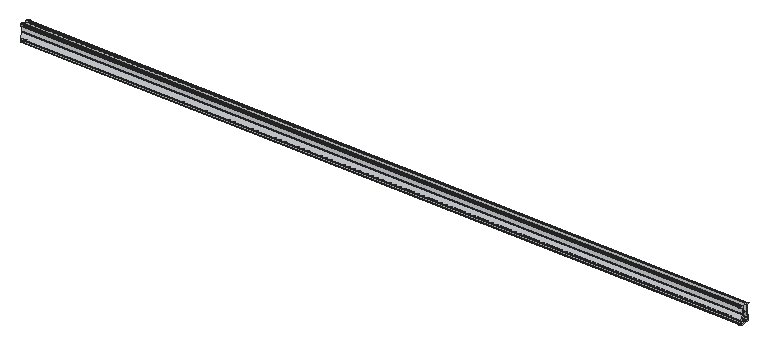
Revit family "33TSC2.75 20g Bottom Chord", category Structural Framing, Revit 2020
Family settings
  Section Shape = Not Defined
  Material for Model Behavior = Steel
  Always export as geometry = No
  OmniClass Number = 23.25.30.11.14.14
  OmniClass Title = Beams
  Always vertical = Yes
  Cut with Voids When Loaded = No
  Symbolic Representation = From Family
  Shared = No
  Show family pre-cut in plan views = Yes
Parameters
  Weight lbs per ft [instance] = 0.9819
  URL = "https://www.trussteel.com/details_files/pdf/ts007.pdf"
  Total Member Weight (lbs) [instance] = Length / 1' 0" * Weight lbs per ft  # 9.819
  Structural Material = ASTM A653 SS Grade 55 G90
  Steel Design Thickness (in) [instance] = 0.0346
  Model = "33TSC2.75"
  Manufacturer = "TrusSteel"
  Length [instance] = 10' - 0"
  Fy (ksi) [instance] = 55
  Fu (ksi) [instance] = 65
  Description = "Chord"
  Cross Section Area (in2) [instance] = 0.2888
  Beam Height = 0' - 2 3/4"
  Beam Width = 0' - 1 1/2"
Reference planes (in)
  plane 1 "Center (Front/Back)": y = 0
  plane 2 "Center El.": z = 0
  plane 3 "Center (Left/Right)": x = 0
  plane 4 "Left": x = -60
  plane 5 "Right": x = 60
Forms (in)
  Extrusion 1, solid
    sketch origin (0, 0, 0) x (0, 1, 0) y (0, 0, 1)
      loop
        arc (0.4096, 2.6554) -> (0.42717, 2.69783) -> (0.4696, 2.7154) r 0.06
        line (0.4696, 2.7154) -> (0.6554, 2.7154)
        arc (0.6554, 2.7154) -> (0.69783, 2.69783) -> (0.7154, 2.6554) r 0.06
        line (0.7154, 2.6554) -> (0.7154, 2.5946)
        arc (0.7154, 2.5946) -> (0.69783, 2.55217) -> (0.6554, 2.5346) r 0.06
        line (0.6554, 2.5346) -> (0.5, 2.5346) -> (0.5, 2.5) -> (0.6554, 2.5)
        arc (0.6554, 2.5) -> (0.72229, 2.52771) -> (0.75, 2.5946) r 0.0946
        line (0.75, 2.5946) -> (0.75, 2.6554)
        arc (0.75, 2.6554) -> (0.72229, 2.72229) -> (0.6554, 2.75) r 0.0946
        line (0.6554, 2.75) -> (0.4696, 2.75)
        arc (0.4696, 2.75) -> (0.40271, 2.72229) -> (0.375, 2.6554) r 0.0946
        line (0.375, 2.6554) -> (0.375, 1.55794)
        arc (0.375, 1.55794) -> (0.38016, 1.49513) -> (0.39552, 1.434) r 0.3846
        line (0.39552, 1.434) -> (0.69673, 0.54912)
        arc (0.69673, 0.54912) -> (0.7107, 0.49349) -> (0.7154, 0.43633) r 0.35
        line (0.7154, 0.43633) -> (0.7154, 0.1286)
        arc (0.7154, 0.1286) -> (0.68787, 0.06213) -> (0.6214, 0.0346) r 0.094
        line (0.6214, 0.0346) -> (0.23958, 0.0346)
        arc (0.23958, 0.0346) -> (0.2072, 0.04254) -> (0.18217, 0.06456) r 0.07
        arc (0.18217, 0.06456) -> (0, 0.1596) -> (-0.18217, 0.06456) r 0.2221
        arc (-0.18217, 0.06456) -> (-0.2072, 0.04254) -> (-0.23958, 0.0346) r 0.07
        line (-0.23958, 0.0346) -> (-0.6214, 0.0346)
        arc (-0.6214, 0.0346) -> (-0.68787, 0.06213) -> (-0.7154, 0.1286) r 0.094
        line (-0.7154, 0.1286) -> (-0.7154, 0.43633)
        arc (-0.7154, 0.43633) -> (-0.7107, 0.49349) -> (-0.69673, 0.54912) r 0.35
        line (-0.69673, 0.54912) -> (-0.39552, 1.434)
        arc (-0.39552, 1.434) -> (-0.38016, 1.49513) -> (-0.375, 1.55794) r 0.3846
        line (-0.375, 1.55794) -> (-0.375, 2.6554)
        arc (-0.375, 2.6554) -> (-0.40271, 2.72229) -> (-0.4696, 2.75) r 0.0946
        line (-0.4696, 2.75) -> (-0.6554, 2.75)
        arc (-0.6554, 2.75) -> (-0.72229, 2.72229) -> (-0.75, 2.6554) r 0.0946
        line (-0.75, 2.6554) -> (-0.75, 2.5946)
        arc (-0.75, 2.5946) -> (-0.72229, 2.52771) -> (-0.6554, 2.5) r 0.0946
        line (-0.6554, 2.5) -> (-0.5, 2.5) -> (-0.5, 2.5346) -> (-0.6554, 2.5346)
        arc (-0.6554, 2.5346) -> (-0.69783, 2.55217) -> (-0.7154, 2.5946) r 0.06
        line (-0.7154, 2.5946) -> (-0.7154, 2.6554)
        arc (-0.7154, 2.6554) -> (-0.69783, 2.69783) -> (-0.6554, 2.7154) r 0.06
        line (-0.6554, 2.7154) -> (-0.4696, 2.7154)
        arc (-0.4696, 2.7154) -> (-0.42717, 2.69783) -> (-0.4096, 2.6554) r 0.06
        line (-0.4096, 2.6554) -> (-0.4096, 1.55794)
        arc (-0.4096, 1.55794) -> (-0.4143, 1.50078) -> (-0.42827, 1.44515) r 0.35
        line (-0.42827, 1.44515) -> (-0.72948, 0.56027)
        arc (-0.72948, 0.56027) -> (-0.74484, 0.49915) -> (-0.75, 0.43633) r 0.3846
        line (-0.75, 0.43633) -> (-0.75, 0.1286)
        arc (-0.75, 0.1286) -> (-0.71233, 0.03767) -> (-0.6214, 0) r 0.1286
        line (-0.6214, 0) -> (-0.23958, 0)
        arc (-0.23958, 0) -> (-0.1912, 0.01186) -> (-0.15379, 0.04476) r 0.1046
        arc (-0.15379, 0.04476) -> (0, 0.125) -> (0.15379, 0.04476) r 0.1875
        arc (0.15379, 0.04476) -> (0.1912, 0.01186) -> (0.23958, 0) r 0.1046
        line (0.23958, 0) -> (0.6214, 0)
        arc (0.6214, 0) -> (0.71233, 0.03767) -> (0.75, 0.1286) r 0.1286
        line (0.75, 0.1286) -> (0.75, 0.43633)
        arc (0.75, 0.43633) -> (0.74484, 0.49915) -> (0.72948, 0.56027) r 0.3846
        line (0.72948, 0.56027) -> (0.42827, 1.44515)
        arc (0.42827, 1.44515) -> (0.4143, 1.50078) -> (0.4096, 1.55794) r 0.35
        line (0.4096, 1.55794) -> (0.4096, 2.6554)
    from -60 to 60
Dimensions and locks (in)
  equal spacing: plane 4 "Left", plane 3 "Center (Left/Right)", plane 5 "Right"
  "Length": plane 4 "Left" to plane 5 "Right"
  "Beam Width": Extrusion 1 to Extrusion 1
  "Beam Height": Extrusion 1 to Extrusion 1
  aligned and locked: level to plane 2 "Center El."
  aligned and locked: plane 4 "Left" to Extrusion 1
  aligned and locked: Extrusion 1 to plane 5 "Right"
Automatic sketch dimensions
  Extrusion 1 sketch curve to Extrusion 1 sketch curve = 0' - 0"  (x34)
  Extrusion 1 sketch curve to level = 0' - 0"  (x2)
  Extrusion 1 sketch curve to plane 1 "Center (Front/Back)" = 0' - 0"
  level to Extrusion 1 sketch curve = 0' - 0.0346"
  plane 1 "Center (Front/Back)" to Extrusion 1 sketch curve = 0' - 0.23958"
  Extrusion 1 sketch curve to Extrusion 1 sketch curve = 0' - 0.12582"  (x2)
  plane 1 "Center (Front/Back)" to Extrusion 1 sketch curve = 0' - 0 3/8"
  Extrusion 1 sketch curve to Extrusion 1 sketch curve = 0' - 0.02052"  (x2)
  Extrusion 1 sketch curve to Extrusion 1 sketch curve = 0' - 0.0346"  (x3)
  Extrusion 1 sketch curve to Extrusion 1 sketch curve = 0' - 0.03275"  (x3)
  Extrusion 1 sketch curve to Extrusion 1 sketch curve = 0' - 0.06"  (x4)
  Extrusion 1 sketch curve to Extrusion 1 sketch curve = 0' - 0.0304"  (x2)
  level to Extrusion 1 sketch curve = 0' - 0.1286"
  Extrusion 1 sketch curve to Extrusion 1 sketch curve = 0' - 0.38182"  (x2)
  Extrusion 1 sketch curve to Extrusion 1 sketch curve = 0' - 0.1554"
  level to Extrusion 1 sketch curve = 0' - 0.54912"
  Extrusion 1 sketch curve to Extrusion 1 sketch curve = 0' - 0.01867"  (x2)
  level to Extrusion 1 sketch curve = 0' - 0.56027"
  Extrusion 1 sketch curve to Extrusion 1 sketch curve = 0' - 0.35"
  level to Extrusion 1 sketch curve = 0' - 0.1046"
  Extrusion 1 sketch curve to plane 1 "Center (Front/Back)" = 0' - 0.23958"
  Extrusion 1 sketch curve to plane 1 "Center (Front/Back)" = 0' - 0 3/8"
  Extrusion 1 sketch curve to Extrusion 1 sketch curve = 0' - 0.1858"
  Extrusion 1 sketch curve to Extrusion 1 sketch curve = 0' - 0.33133"  (x2)
  Extrusion 1 sketch curve to level = 0' - 0 1/16"
  Extrusion 1 sketch curve to Extrusion 1 sketch curve = 0' - 0.07"
  Extrusion 1 sketch curve to Extrusion 1 sketch curve = 0' - 0.33173"
  Extrusion 1 sketch curve to Extrusion 1 sketch curve = 0' - 0.88488"
  Extrusion 1 sketch curve to Extrusion 1 sketch curve = 0' - 0.12393"
  Extrusion 1 sketch curve to Extrusion 1 sketch curve = 0' - 0.94206"  (x2)
  Extrusion 1 sketch curve to Extrusion 1 sketch curve = 0' - 0.0608"  (x2)
